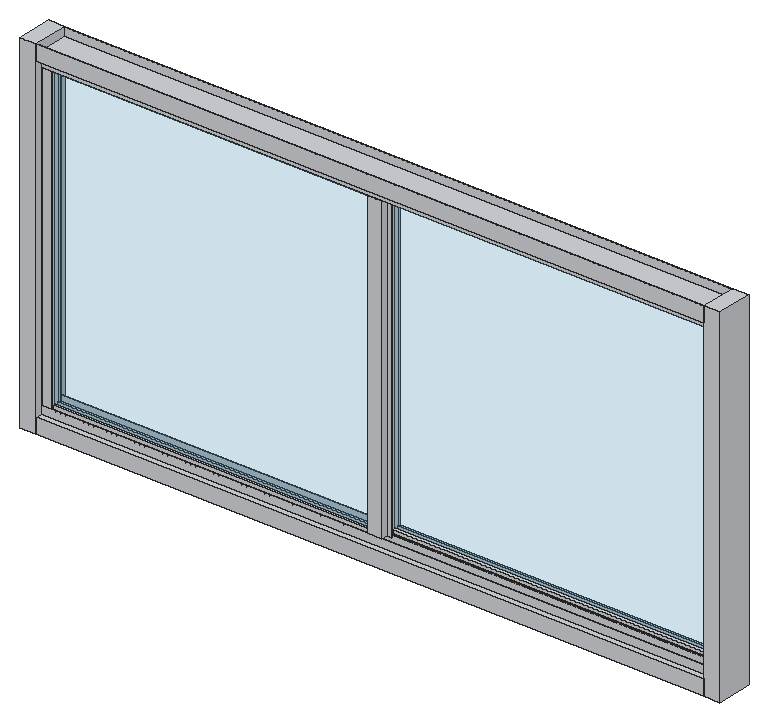
Revit family "MT-VMS_DB-SG_OX", category Windows, host Wall, Revit 2017 (continued)
Definition of nested family "VMS_DB-SG_OX_101mm"
  Definition of nested family "AS1C CAVITY MAIN FRAME"
    Lines and regions (mm)
      model lines, in view "Ref. Level"
        curve 29: arc (-42.7, -93.6, 0) -> (-41.95, -92.85, 0) -> (-41.2, -93.6, 0) r 0.75
        curve 30: arc (-41.2, -98.3, 0) -> (-40.761, -99.361, 0) -> (-39.7, -99.8, 0) r 1.5
        curve 31: arc (-3.8, -99.8, 0) -> (-2.739, -99.361, 0) -> (-2.3, -98.3, 0) r 1.5
        curve 32: arc (-2.3, -93.15, 0) -> (-2.417, -92.867, 0) -> (-2.7, -92.75, 0) r 0.4
        curve 33: arc (-6.1, -92.75, 0) -> (-6.949, -92.399, 0) -> (-7.3, -91.55, 0) r 1.2
        curve 34: arc (-7.3, -91.265, 0) -> (-6.765, -90.417, 0) -> (-5.769, -90.534, 0) r 0.94
        curve 35: arc (-5.769, -90.534, 0) -> (-5.414, -90.766, 0) -> (-5.019, -90.921, 0) r 2.1
        curve 36: arc (-5.019, -90.921, 0) -> (-4.902, -90.971, 0) -> (-4.801, -91.049, 0) r 0.5
        curve 37: arc (-4.099, -91.049, 0) -> (-3.998, -90.971, 0) -> (-3.881, -90.921, 0) r 0.5
        curve 38: arc (-3.881, -90.921, 0) -> (-3.4, -90.719, 0) -> (-2.984, -90.403, 0) r 2.1
        curve 39: arc (-2.984, -90.403, 0) -> (-2.882, -90.327, 0) -> (-2.764, -90.278, 0) r 0.5
        curve 40: arc (-2.413, -89.671, 0) -> (-2.43, -89.545, 0) -> (-2.415, -89.418, 0) r 0.5
        curve 41: arc (-2.415, -89.418, 0) -> (-2.35, -88.9, 0) -> (-2.415, -88.382, 0) r 2.1
        curve 42: arc (-2.415, -88.382, 0) -> (-2.43, -88.255, 0) -> (-2.413, -88.129, 0) r 0.5
        curve 43: arc (-2.764, -87.522, 0) -> (-2.882, -87.473, 0) -> (-2.984, -87.397, 0) r 0.5
        curve 44: arc (-2.984, -87.397, 0) -> (-3.4, -87.081, 0) -> (-3.881, -86.879, 0) r 2.1
        curve 45: arc (-3.881, -86.879, 0) -> (-3.998, -86.829, 0) -> (-4.099, -86.751, 0) r 0.5
        curve 46: arc (-4.801, -86.751, 0) -> (-4.902, -86.829, 0) -> (-5.019, -86.879, 0) r 0.5
        curve 47: arc (-5.019, -86.879, 0) -> (-5.414, -87.034, 0) -> (-5.769, -87.266, 0) r 2.1
        curve 48: arc (-5.769, -87.266, 0) -> (-6.765, -87.383, 0) -> (-7.3, -86.535, 0) r 0.94
        curve 49: arc (-7.3, -86.25, 0) -> (-6.949, -85.401, 0) -> (-6.1, -85.05, 0) r 1.2
        curve 50: arc (-2.5, -85.05, 0) -> (-2.217, -84.933, 0) -> (-2.1, -84.65, 0) r 0.4
        curve 51: arc (-2.1, -66.37, 0) -> (-2.451, -65.335, 0) -> (-3.36, -64.728, 0) r 1.7
        curve 52: arc (-19.936, -60.286, 0) -> (-20.631, -59.822, 0) -> (-20.9, -59.03, 0) r 1.3
        curve 53: arc (-20.9, -42.57, 0) -> (-20.631, -41.778, 0) -> (-19.936, -41.314, 0) r 1.3
        curve 54: arc (-3.36, -36.872, 0) -> (-2.451, -36.265, 0) -> (-2.1, -35.23, 0) r 1.7
        curve 55: arc (-2.1, -17.35, 0) -> (-2.334, -16.784, 0) -> (-2.9, -16.55, 0) r 0.8
        curve 56: arc (-6.1, -16.55, 0) -> (-6.949, -16.199, 0) -> (-7.3, -15.35, 0) r 1.2
        curve 57: arc (-7.3, -15.065, 0) -> (-6.765, -14.217, 0) -> (-5.769, -14.334, 0) r 0.94
        curve 58: arc (-5.769, -14.334, 0) -> (-5.414, -14.566, 0) -> (-5.019, -14.721, 0) r 2.1
        curve 59: arc (-5.019, -14.721, 0) -> (-4.902, -14.771, 0) -> (-4.801, -14.849, 0) r 0.5
        curve 60: arc (-4.099, -14.849, 0) -> (-3.998, -14.771, 0) -> (-3.881, -14.721, 0) r 0.5
        curve 61: arc (-3.881, -14.721, 0) -> (-3.4, -14.519, 0) -> (-2.984, -14.203, 0) r 2.1
        curve 62: arc (-2.984, -14.203, 0) -> (-2.882, -14.127, 0) -> (-2.764, -14.078, 0) r 0.5
        curve 63: arc (-2.413, -13.471, 0) -> (-2.43, -13.345, 0) -> (-2.415, -13.218, 0) r 0.5
        curve 64: arc (-2.415, -13.218, 0) -> (-2.35, -12.7, 0) -> (-2.415, -12.182, 0) r 2.1
        curve 65: arc (-2.415, -12.182, 0) -> (-2.43, -12.055, 0) -> (-2.413, -11.929, 0) r 0.5
        curve 66: line (-4.099, -10.551, 0) -> (-4.45, -10.2, 0)
        curve 67: line (-4.45, -10.2, 0) -> (-4.801, -10.551, 0)
        curve 68: line (-7.3, -10.335, 0) -> (-7.3, -10.05, 0)
        curve 69: line (-6.1, -8.85, 0) -> (-3.1, -8.85, 0)
        curve 70: line (-2.3, -8.05, 0) -> (-2.3, -3.3, 0)
        curve 71: line (-3.8, -1.8, 0) -> (-39.7, -1.8, 0)
        curve 72: line (-41.2, -3.3, 0) -> (-41.2, -8, 0)
        curve 73: line (-42.7, -8, 0) -> (-42.7, -5.005, 0)
        curve 74: line (-42.7, -5.005, 0) -> (-44.148, -5.393, 0)
        curve 75: line (-44.4, -5.2, 0) -> (-44.4, 0, 0)
        curve 76: line (-44.4, 0, 0) -> (0, 0, 0)
        curve 77: line (0, 0, 0) -> (0, -41.4, 0)
        curve 78: line (0, -41.4, 0) -> (-2.4, -41.4, 0)
        curve 79: line (-2.4, -41.4, 0) -> (-2.4, -42.975, 0)
        curve 80: line (-2.4, -42.975, 0) -> (-4.496, -43.536, 0)
        curve 81: line (-4.976, -43.013, 0) -> (-3.605, -39.246, 0)
        curve 82: line (-4.084, -38.723, 0) -> (-10.184, -40.357, 0)
        curve 83: line (-10.388, -40.75, 0) -> (-9.572, -42.992, 0)
        curve 84: line (-9.974, -43.528, 0) -> (-10.966, -43.462, 0)
        curve 85: line (-11.9, -42.464, 0) -> (-11.9, -41.208, 0)
        curve 86: line (-12.278, -40.918, 0) -> (-14.6, -41.541, 0)
        curve 87: line (-14.6, -41.541, 0) -> (-14.6, -43.704, 0)
        curve 88: line (-14.6, -43.704, 0) -> (-15.8, -44.396, 0)
        curve 89: line (-16.4, -44.05, 0) -> (-16.4, -42.023, 0)
        curve 90: line (-16.4, -42.023, 0) -> (-19.3, -42.8, 0)
        curve 91: line (-19.3, -42.8, 0) -> (-19.3, -50.043, 0)
        curve 92: line (-19.446, -50.396, 0) -> (-19.6, -50.55, 0)
        curve 93: line (-19.6, -50.55, 0) -> (-19.6, -51.05, 0)
        curve 94: line (-19.6, -51.05, 0) -> (-19.446, -51.204, 0)
        curve 95: line (-19.3, -51.557, 0) -> (-19.3, -58.8, 0)
        curve 96: line (-19.3, -58.8, 0) -> (-16.4, -59.577, 0)
        curve 97: line (-16.4, -59.577, 0) -> (-16.4, -57.55, 0)
        curve 98: line (-15.8, -57.204, 0) -> (-14.6, -57.896, 0)
        curve 99: line (-14.6, -57.896, 0) -> (-14.6, -60.059, 0)
        curve 100: line (-14.6, -60.059, 0) -> (-12.278, -60.682, 0)
        curve 101: line (-11.9, -60.392, 0) -> (-11.9, -59.136, 0)
        curve 102: line (-10.966, -58.138, 0) -> (-9.974, -58.072, 0)
        curve 103: line (-9.572, -58.608, 0) -> (-10.388, -60.85, 0)
        curve 104: line (-10.184, -61.243, 0) -> (-4.084, -62.877, 0)
        curve 105: line (-3.605, -62.354, 0) -> (-4.976, -58.587, 0)
        curve 106: line (-4.496, -58.064, 0) -> (-2.4, -58.625, 0)
        curve 107: line (-2.4, -58.625, 0) -> (-2.4, -60.2, 0)
        curve 108: line (-2.4, -60.2, 0) -> (0, -60.2, 0)
        curve 109: line (0, -60.2, 0) -> (0, -101.6, 0)
        curve 110: line (0, -101.6, 0) -> (-44.4, -101.6, 0)
        curve 111: line (-44.4, -101.6, 0) -> (-44.4, -96.4, 0)
        curve 112: line (-44.148, -96.207, 0) -> (-42.7, -96.595, 0)
        curve 113: line (-42.7, -96.595, 0) -> (-42.7, -93.6, 0)
        curve 114: line (-41.2, -93.6, 0) -> (-41.2, -98.3, 0)
        curve 115: line (-39.7, -99.8, 0) -> (-3.8, -99.8, 0)
        curve 116: line (-2.3, -98.3, 0) -> (-2.3, -93.15, 0)
        curve 117: line (-2.7, -92.75, 0) -> (-6.1, -92.75, 0)
        curve 118: line (-7.3, -91.55, 0) -> (-7.3, -91.265, 0)
        curve 119: line (-4.801, -91.049, 0) -> (-4.45, -91.4, 0)
        curve 120: line (-4.45, -91.4, 0) -> (-4.099, -91.049, 0)
        curve 121: line (-2.764, -90.278, 0) -> (-2.285, -90.15, 0)
        curve 122: line (-2.285, -90.15, 0) -> (-2.413, -89.671, 0)
        curve 123: line (-2.413, -88.129, 0) -> (-2.285, -87.65, 0)
        curve 124: line (-2.285, -87.65, 0) -> (-2.764, -87.522, 0)
        curve 125: line (-4.099, -86.751, 0) -> (-4.45, -86.4, 0)
        curve 126: line (-4.45, -86.4, 0) -> (-4.801, -86.751, 0)
        curve 127: line (-7.3, -86.535, 0) -> (-7.3, -86.25, 0)
        curve 128: line (-6.1, -85.05, 0) -> (-2.5, -85.05, 0)
        curve 129: line (-2.1, -84.65, 0) -> (-2.1, -80.4, 0)
        curve 130: line (-2.1, -80.4, 0) -> (-2.4, -80.4, 0)
        curve 131: line (-2.4, -80.4, 0) -> (-2.4, -67.3, 0)
        curve 132: line (-2.4, -67.3, 0) -> (-2.1, -67.3, 0)
        curve 133: line (-2.1, -67.3, 0) -> (-2.1, -66.37, 0)
        curve 134: line (-3.36, -64.728, 0) -> (-19.936, -60.286, 0)
        curve 135: line (-20.9, -59.03, 0) -> (-20.9, -50.8, 0)
        curve 136: line (-20.9, -50.8, 0) -> (-20.9, -42.57, 0)
        curve 137: line (-19.936, -41.314, 0) -> (-3.36, -36.872, 0)
        curve 138: line (-2.1, -35.23, 0) -> (-2.1, -34.3, 0)
        curve 139: line (-2.1, -34.3, 0) -> (-2.4, -34.3, 0)
        curve 140: line (-2.4, -34.3, 0) -> (-2.4, -21.2, 0)
        curve 141: line (-2.4, -21.2, 0) -> (-2.1, -21.2, 0)
        curve 142: line (-2.1, -21.2, 0) -> (-2.1, -17.35, 0)
        curve 143: line (-2.9, -16.55, 0) -> (-6.1, -16.55, 0)
        curve 144: line (-7.3, -15.35, 0) -> (-7.3, -15.065, 0)
        curve 145: line (-4.801, -14.849, 0) -> (-4.45, -15.2, 0)
        curve 146: line (-4.45, -15.2, 0) -> (-4.099, -14.849, 0)
        curve 147: line (-2.764, -14.078, 0) -> (-2.285, -13.95, 0)
        curve 148: line (-2.285, -13.95, 0) -> (-2.413, -13.471, 0)
        curve 149: line (-2.413, -11.929, 0) -> (-2.285, -11.45, 0)
        curve 150: line (-2.285, -11.45, 0) -> (-2.764, -11.322, 0)
        curve 151: arc (-2.764, -11.322, 0) -> (-2.882, -11.273, 0) -> (-2.984, -11.197, 0) r 0.5
  Definition of nested family "VMS_VM8_HEAD DETAIL_FINE"
    Reference planes
      plane 1 "Center (Front/Back)": y = 0
      plane 2: z = 0
      plane 3 "Center (Left/Right)": x = 0
    Lines and regions (mm)
      model lines, in view "Ref. Level"
        curve 1: arc (50, -27.1, 0) -> (49.414, -25.686, 0) -> (48, -25.1, 0) r 2
        curve 2: arc (3.8, -25.1, 0) -> (2.386, -25.686, 0) -> (1.8, -27.1, 0) r 2
        curve 3: arc (1.8, -41.8, 0) -> (2.034, -42.366, 0) -> (2.6, -42.6, 0) r 0.8
        curve 4: arc (8.71, -42.6, 0) -> (8.973, -42.444, 0) -> (8.963, -42.139, 0) r 0.3
        curve 5: arc (8.963, -42.139, 0) -> (8.438, -39.576, 0) -> (9.754, -37.315, 0) r 3.67
        curve 6: arc (9.754, -37.315, 0) -> (11.002, -37.382, 0) -> (11.067, -38.629, 0) r 0.934
        curve 7: arc (11.067, -38.629, 0) -> (10.819, -39.017, 0) -> (10.661, -39.448, 0) r 2.1
        curve 8: arc (10.661, -40.452, 0) -> (10.881, -41, 0) -> (11.246, -41.465, 0) r 2.1
        curve 9: arc (12.115, -41.967, 0) -> (12.7, -42.05, 0) -> (13.285, -41.967, 0) r 2.1
        curve 10: arc (14.154, -41.465, 0) -> (14.519, -41, 0) -> (14.739, -40.452, 0) r 2.1
        curve 11: arc (14.739, -39.448, 0) -> (14.581, -39.017, 0) -> (14.333, -38.629, 0) r 2.1
        curve 12: arc (14.333, -38.629, 0) -> (14.398, -37.382, 0) -> (15.646, -37.315, 0) r 0.934
        curve 13: arc (15.646, -37.315, 0) -> (16.962, -39.576, 0) -> (16.437, -42.139, 0) r 3.67
        curve 14: arc (16.437, -42.139, 0) -> (16.427, -42.444, 0) -> (16.69, -42.6, 0) r 0.3
        curve 15: arc (19.8, -42.6, 0) -> (20.012, -42.688, 0) -> (20.1, -42.9, 0) r 0.3
        curve 16: arc (20.1, -67.7, 0) -> (20.012, -67.912, 0) -> (19.8, -68, 0) r 0.3
        curve 17: arc (18.6, -68, 0) -> (18.388, -67.912, 0) -> (18.3, -67.7, 0) r 0.3
        curve 18: arc (0.5, -44.4, 0) -> (0.146, -44.254, 0) -> (0, -43.9, 0) r 0.5
        curve 19: arc (0, -0.5, 0) -> (0.146, -0.146, 0) -> (0.5, 0, 0) r 0.5
        curve 20: arc (5.2, 0, 0) -> (5.359, -0.078, 0) -> (5.393, -0.252, 0) r 0.2
        curve 21: arc (8, -1.7, 0) -> (8.75, -2.45, 0) -> (8, -3.2, 0) r 0.75
        curve 22: arc (2.6, -3.2, 0) -> (2.034, -3.434, 0) -> (1.8, -4, 0) r 0.8
        curve 23: arc (1.8, -23, 0) -> (1.888, -23.212, 0) -> (2.1, -23.3, 0) r 0.3
        curve 24: arc (49.241, -23.3, 0) -> (49.391, -23.26, 0) -> (49.501, -23.15, 0) r 0.3
        curve 25: arc (49.501, -23.15, 0) -> (49.761, -23, 0) -> (50.021, -23.15, 0) r 0.3
        curve 26: arc (50.021, -23.15, 0) -> (50.28, -23.3, 0) -> (50.54, -23.15, 0) r 0.3
        curve 27: arc (50.54, -23.15, 0) -> (50.8, -23, 0) -> (51.06, -23.15, 0) r 0.3
        curve 28: arc (51.06, -23.15, 0) -> (51.32, -23.3, 0) -> (51.579, -23.15, 0) r 0.3
        curve 29: arc (51.579, -23.15, 0) -> (51.839, -23, 0) -> (52.099, -23.15, 0) r 0.3
        curve 30: arc (52.099, -23.15, 0) -> (52.209, -23.26, 0) -> (52.359, -23.3, 0) r 0.3
        curve 31: arc (99.5, -23.3, 0) -> (99.712, -23.212, 0) -> (99.8, -23, 0) r 0.3
        curve 32: arc (99.8, -4, 0) -> (99.566, -3.434, 0) -> (99, -3.2, 0) r 0.8
        curve 33: arc (93.6, -3.2, 0) -> (92.85, -2.45, 0) -> (93.6, -1.7, 0) r 0.75
        curve 34: arc (96.207, -0.252, 0) -> (96.241, -0.078, 0) -> (96.4, 0, 0) r 0.2
        curve 35: arc (101.1, 0, 0) -> (101.454, -0.146, 0) -> (101.6, -0.5, 0) r 0.5
        curve 36: arc (101.6, -43.9, 0) -> (101.454, -44.254, 0) -> (101.1, -44.4, 0) r 0.5
        curve 37: arc (83.3, -67.7, 0) -> (83.212, -67.912, 0) -> (83, -68, 0) r 0.3
        curve 38: arc (81.8, -68, 0) -> (81.588, -67.912, 0) -> (81.5, -67.7, 0) r 0.3
        curve 39: arc (81.5, -42.9, 0) -> (81.588, -42.688, 0) -> (81.8, -42.6, 0) r 0.3
        curve 40: arc (84.91, -42.6, 0) -> (85.173, -42.444, 0) -> (85.163, -42.139, 0) r 0.3
        curve 41: arc (85.163, -42.139, 0) -> (84.638, -39.576, 0) -> (85.954, -37.315, 0) r 3.67
        curve 42: arc (85.954, -37.315, 0) -> (87.202, -37.382, 0) -> (87.267, -38.629, 0) r 0.934
        curve 43: arc (87.267, -38.629, 0) -> (87.019, -39.017, 0) -> (86.861, -39.448, 0) r 2.1
        curve 44: arc (86.861, -40.452, 0) -> (87.081, -41, 0) -> (87.446, -41.465, 0) r 2.1
        curve 45: arc (88.315, -41.967, 0) -> (88.9, -42.05, 0) -> (89.485, -41.967, 0) r 2.1
        curve 46: arc (90.354, -41.465, 0) -> (90.719, -41, 0) -> (90.939, -40.452, 0) r 2.1
        curve 47: arc (90.939, -39.448, 0) -> (90.781, -39.017, 0) -> (90.533, -38.629, 0) r 2.1
        curve 48: arc (90.533, -38.629, 0) -> (90.598, -37.382, 0) -> (91.846, -37.315, 0) r 0.934
        curve 49: arc (91.846, -37.315, 0) -> (93.162, -39.576, 0) -> (92.637, -42.139, 0) r 3.67
        curve 50: arc (92.637, -42.139, 0) -> (92.627, -42.444, 0) -> (92.89, -42.6, 0) r 0.3
        curve 51: arc (99, -42.6, 0) -> (99.566, -42.366, 0) -> (99.8, -41.8, 0) r 0.8
        curve 52: arc (99.8, -27.1, 0) -> (99.214, -25.686, 0) -> (97.8, -25.1, 0) r 2
        curve 53: arc (53.6, -25.1, 0) -> (52.186, -25.686, 0) -> (51.6, -27.1, 0) r 2
        curve 54: arc (51.6, -67.7, 0) -> (51.512, -67.912, 0) -> (51.3, -68, 0) r 0.3
        curve 55: line (50, -67.7, 0) -> (50, -27.1, 0)
        curve 56: line (48, -25.1, 0) -> (3.8, -25.1, 0)
        curve 57: line (1.8, -27.1, 0) -> (1.8, -41.8, 0)
        curve 58: line (2.6, -42.6, 0) -> (8.71, -42.6, 0)
        curve 59: line (10.608, -39.542, 0) -> (10.2, -39.95, 0)
        curve 60: line (10.2, -39.95, 0) -> (10.608, -40.358, 0)
        curve 61: line (11.301, -41.558, 0) -> (11.45, -42.115, 0)
        curve 62: line (11.45, -42.115, 0) -> (12.007, -41.966, 0)
        curve 63: line (13.393, -41.966, 0) -> (13.95, -42.115, 0)
        curve 64: line (13.95, -42.115, 0) -> (14.099, -41.558, 0)
        curve 65: line (14.792, -40.358, 0) -> (15.2, -39.95, 0)
        curve 66: line (15.2, -39.95, 0) -> (14.792, -39.542, 0)
        curve 67: line (16.69, -42.6, 0) -> (19.8, -42.6, 0)
        curve 68: line (20.1, -42.9, 0) -> (20.1, -67.7, 0)
        curve 69: line (19.8, -68, 0) -> (18.6, -68, 0)
        curve 70: line (18.3, -67.7, 0) -> (18.3, -44.4, 0)
        curve 71: line (18.3, -44.4, 0) -> (0.5, -44.4, 0)
        curve 72: line (0, -43.9, 0) -> (0, -0.5, 0)
        curve 73: line (0.5, 0, 0) -> (5.2, 0, 0)
        curve 74: line (5.393, -0.252, 0) -> (5.005, -1.7, 0)
        curve 75: line (5.005, -1.7, 0) -> (8, -1.7, 0)
        curve 76: line (8, -3.2, 0) -> (2.6, -3.2, 0)
        curve 77: line (1.8, -4, 0) -> (1.8, -23, 0)
        curve 78: line (2.1, -23.3, 0) -> (49.241, -23.3, 0)
        curve 79: line (52.359, -23.3, 0) -> (99.5, -23.3, 0)
        curve 80: line (99.8, -23, 0) -> (99.8, -4, 0)
        curve 81: line (99, -3.2, 0) -> (93.6, -3.2, 0)
        curve 82: line (93.6, -1.7, 0) -> (96.595, -1.7, 0)
        curve 83: line (96.595, -1.7, 0) -> (96.207, -0.252, 0)
        curve 84: line (96.4, 0, 0) -> (101.1, 0, 0)
        curve 85: line (101.6, -0.5, 0) -> (101.6, -43.9, 0)
        curve 86: line (101.1, -44.4, 0) -> (83.3, -44.4, 0)
        curve 87: line (83.3, -44.4, 0) -> (83.3, -67.7, 0)
        curve 88: line (83, -68, 0) -> (81.8, -68, 0)
        curve 89: line (81.5, -67.7, 0) -> (81.5, -42.9, 0)
        curve 90: line (81.8, -42.6, 0) -> (84.91, -42.6, 0)
        curve 91: line (86.808, -39.542, 0) -> (86.4, -39.95, 0)
        curve 92: line (86.4, -39.95, 0) -> (86.808, -40.358, 0)
        curve 93: line (87.501, -41.558, 0) -> (87.65, -42.115, 0)
        curve 94: line (87.65, -42.115, 0) -> (88.207, -41.966, 0)
        curve 95: line (89.593, -41.966, 0) -> (90.15, -42.115, 0)
        curve 96: line (90.15, -42.115, 0) -> (90.299, -41.558, 0)
        curve 97: line (90.992, -40.358, 0) -> (91.4, -39.95, 0)
        curve 98: line (91.4, -39.95, 0) -> (90.992, -39.542, 0)
        curve 99: line (92.89, -42.6, 0) -> (99, -42.6, 0)
        curve 100: line (99.8, -41.8, 0) -> (99.8, -27.1, 0)
        curve 101: line (97.8, -25.1, 0) -> (53.6, -25.1, 0)
        curve 102: line (51.6, -27.1, 0) -> (51.6, -67.7, 0)
        curve 103: line (51.3, -68, 0) -> (50.3, -68, 0)
        curve 104: arc (50.3, -68, 0) -> (50.088, -67.912, 0) -> (50, -67.7, 0) r 0.3
  Definition of nested family "VMS_VM10_BOT DETAIL_FINE"
    Reference planes
      plane 1 "Center (Front/Back)": y = 0
      plane 2: z = 0
      plane 3 "Center (Left/Right)": x = 0
    Lines and regions (mm)
      model lines, in view "Ref. Level"
        curve 1: arc (84.669, 36.544, 0) -> (84.729, 36.675, 0) -> (84.75, 36.817, 0) r 0.5
        curve 2: arc (84.75, 42.2, 0) -> (84.662, 42.412, 0) -> (84.45, 42.5, 0) r 0.3
        curve 3: arc (83.13, 42.5, 0) -> (82.918, 42.412, 0) -> (82.83, 42.2, 0) r 0.3
        curve 4: arc (82.83, 41.74, 0) -> (82.391, 40.679, 0) -> (81.33, 40.24, 0) r 1.5
        curve 5: arc (70.15, 40.24, 0) -> (69.089, 40.679, 0) -> (68.65, 41.74, 0) r 1.5
        curve 6: arc (68.65, 41.97, 0) -> (68.562, 42.182, 0) -> (68.35, 42.27, 0) r 0.3
        curve 7: arc (64.15, 42.27, 0) -> (63.938, 42.182, 0) -> (63.85, 41.97, 0) r 0.3
        curve 8: arc (63.85, 41.74, 0) -> (63.411, 40.679, 0) -> (62.35, 40.24, 0) r 1.5
        curve 9: arc (38.65, 40.24, 0) -> (37.589, 40.679, 0) -> (37.15, 41.74, 0) r 1.5
        curve 10: arc (37.15, 41.97, 0) -> (37.062, 42.182, 0) -> (36.85, 42.27, 0) r 0.3
        curve 11: arc (32.65, 42.27, 0) -> (32.438, 42.182, 0) -> (32.35, 41.97, 0) r 0.3
        curve 12: arc (32.35, 41.74, 0) -> (31.911, 40.679, 0) -> (30.85, 40.24, 0) r 1.5
        curve 13: arc (19.67, 40.24, 0) -> (18.609, 40.679, 0) -> (18.17, 41.74, 0) r 1.5
        curve 14: arc (18.17, 42.2, 0) -> (18.082, 42.412, 0) -> (17.87, 42.5, 0) r 0.3
        curve 15: arc (16.55, 42.5, 0) -> (16.338, 42.412, 0) -> (16.25, 42.2, 0) r 0.3
        curve 16: arc (16.25, 38, 0) -> (15.899, 37.151, 0) -> (15.05, 36.8, 0) r 1.2
        curve 17: arc (14.765, 36.8, 0) -> (13.917, 37.335, 0) -> (14.034, 38.331, 0) r 0.94
        curve 18: arc (14.034, 38.331, 0) -> (14.266, 38.686, 0) -> (14.421, 39.081, 0) r 2.1
        curve 19: arc (14.421, 39.081, 0) -> (14.471, 39.198, 0) -> (14.549, 39.299, 0) r 0.5
        curve 20: arc (14.549, 40.001, 0) -> (14.471, 40.102, 0) -> (14.421, 40.219, 0) r 0.5
        curve 21: arc (14.421, 40.219, 0) -> (14.219, 40.7, 0) -> (13.903, 41.116, 0) r 2.1
        curve 22: arc (13.903, 41.116, 0) -> (13.827, 41.218, 0) -> (13.778, 41.336, 0) r 0.5
        curve 23: arc (13.171, 41.687, 0) -> (13.045, 41.67, 0) -> (12.918, 41.685, 0) r 0.5
        curve 24: arc (12.918, 41.685, 0) -> (12.4, 41.75, 0) -> (11.882, 41.685, 0) r 2.1
        curve 25: arc (11.882, 41.685, 0) -> (11.755, 41.67, 0) -> (11.629, 41.687, 0) r 0.5
        curve 26: arc (11.022, 41.336, 0) -> (10.973, 41.218, 0) -> (10.897, 41.116, 0) r 0.5
        curve 27: arc (10.897, 41.116, 0) -> (10.581, 40.7, 0) -> (10.379, 40.219, 0) r 2.1
        curve 28: arc (10.379, 40.219, 0) -> (10.329, 40.102, 0) -> (10.251, 40.001, 0) r 0.5
        curve 29: arc (10.251, 39.299, 0) -> (10.329, 39.198, 0) -> (10.379, 39.081, 0) r 0.5
        curve 30: arc (10.379, 39.081, 0) -> (10.534, 38.686, 0) -> (10.766, 38.331, 0) r 2.1
        curve 31: arc (10.766, 38.331, 0) -> (10.883, 37.335, 0) -> (10.035, 36.8, 0) r 0.94
        curve 32: arc (9.75, 36.8, 0) -> (8.901, 37.151, 0) -> (8.55, 38, 0) r 1.2
        curve 33: arc (8.55, 41.7, 0) -> (8.316, 42.266, 0) -> (7.75, 42.5, 0) r 0.8
        curve 34: arc (1.8, 42.5, 0) -> (1.446, 42.354, 0) -> (1.3, 42, 0) r 0.5
        curve 35: arc (1.3, 22.335, 0) -> (1.535, 21.911, 0) -> (2.019, 21.885, 0) r 0.5
        curve 36: arc (2.019, 21.885, 0) -> (5.322, 21.516, 0) -> (6.393, 18.369, 0) r 3.1
        curve 37: arc (6.393, 18.369, 0) -> (6.393, 18.133, 0) -> (6.502, 17.923, 0) r 0.5
        curve 38: arc (6.502, 17.923, 0) -> (6.849, 17.341, 0) -> (6.97, 16.674, 0) r 1.9
        curve 39: arc (6.97, 8.83, 0) -> (7.116, 8.476, 0) -> (7.47, 8.33, 0) r 0.5
        curve 40: arc (21.11, 8.33, 0) -> (21.292, 8.392, 0) -> (21.4, 8.552, 0) r 0.3
        curve 41: arc (25.348, 23.288, 0) -> (25.884, 24.09, 0) -> (26.797, 24.4, 0) r 1.5
        curve 42: arc (76.492, 24.4, 0) -> (76.731, 24.46, 0) -> (76.911, 24.627, 0) r 0.5
        curve 43: arc (95.907, -0.048, 0) -> (95.941, -0.222, 0) -> (96.1, -0.3, 0) r 0.2
        curve 44: arc (101, -0.3, 0) -> (101.212, -0.212, 0) -> (101.3, 0, 0) r 0.3
        curve 45: arc (101.3, 43.6, 0) -> (101.154, 43.954, 0) -> (100.8, 44.1, 0) r 0.5
        curve 46: arc (83.3, 44.1, 0) -> (82.946, 44.246, 0) -> (82.8, 44.6, 0) r 0.5
        curve 47: arc (82.8, 66.2, 0) -> (82.654, 66.554, 0) -> (82.3, 66.7, 0) r 0.5
        curve 48: arc (81.5, 66.7, 0) -> (81.288, 66.612, 0) -> (81.2, 66.4, 0) r 0.3
        curve 49: arc (81.2, 42.14, 0) -> (81.112, 41.928, 0) -> (80.9, 41.84, 0) r 0.3
        curve 50: arc (70.55, 41.84, 0) -> (70.338, 41.928, 0) -> (70.25, 42.14, 0) r 0.3
        curve 51: arc (70.25, 42.827, 0) -> (70.139, 43.142, 0) -> (69.854, 43.317, 0) r 0.5
        curve 52: arc (62.646, 43.317, 0) -> (62.361, 43.142, 0) -> (62.25, 42.827, 0) r 0.5
        curve 53: arc (62.25, 42.14, 0) -> (62.162, 41.928, 0) -> (61.95, 41.84, 0) r 0.3
        curve 54: arc (51.6, 41.84, 0) -> (51.388, 41.928, 0) -> (51.3, 42.14, 0) r 0.3
        curve 55: arc (51.3, 66.4, 0) -> (51.212, 66.612, 0) -> (51, 66.7, 0) r 0.3
        curve 56: arc (50, 66.7, 0) -> (49.788, 66.612, 0) -> (49.7, 66.4, 0) r 0.3
        curve 57: arc (49.7, 42.14, 0) -> (49.612, 41.928, 0) -> (49.4, 41.84, 0) r 0.3
        curve 58: arc (39.05, 41.84, 0) -> (38.838, 41.928, 0) -> (38.75, 42.14, 0) r 0.3
        curve 59: arc (38.75, 42.827, 0) -> (38.639, 43.142, 0) -> (38.354, 43.317, 0) r 0.5
        curve 60: arc (31.146, 43.317, 0) -> (30.861, 43.142, 0) -> (30.75, 42.827, 0) r 0.5
        curve 61: arc (30.75, 42.14, 0) -> (30.662, 41.928, 0) -> (30.45, 41.84, 0) r 0.3
        curve 62: arc (20.1, 41.84, 0) -> (19.888, 41.928, 0) -> (19.8, 42.14, 0) r 0.3
        curve 63: arc (19.8, 66.4, 0) -> (19.712, 66.612, 0) -> (19.5, 66.7, 0) r 0.3
        curve 64: arc (18.7, 66.7, 0) -> (18.346, 66.554, 0) -> (18.2, 66.2, 0) r 0.5
        curve 65: arc (18.2, 44.6, 0) -> (18.054, 44.246, 0) -> (17.7, 44.1, 0) r 0.5
        curve 66: arc (0.2, 44.1, 0) -> (-0.154, 43.954, 0) -> (-0.3, 43.6, 0) r 0.5
        curve 67: arc (-0.297, 18.697, 0) -> (0.145, 17.357, 0) -> (1.08, 16.3, 0) r 3.5
        curve 68: arc (1.58, 16.3, 0) -> (2.146, 16.534, 0) -> (2.38, 17.1, 0) r 0.8
        curve 69: arc (2.38, 17.982, 0) -> (3.38, 20.6, 0) -> (4.38, 17.982, 0) r 1.5
        curve 70: arc (4.38, 17.13, 0) -> (4.555, 16.858, 0) -> (4.875, 16.902, 0) r 0.3
        curve 71: arc (4.875, 16.902, 0) -> (5.195, 16.947, 0) -> (5.37, 16.674, 0) r 0.3
        curve 72: arc (5.07, 8.85, 0) -> (4.57, 8.35, 0) -> (5.07, 7.85, 0) r 0.5
        curve 73: arc (5.187, 7.85, 0) -> (5.372, 7.727, 0) -> (5.329, 7.509, 0) r 0.2
        curve 74: arc (-0.154, 2.026, 0) -> (-0.262, 1.864, 0) -> (-0.3, 1.673, 0) r 0.5
        curve 75: arc (-0.3, 0, 0) -> (-0.212, -0.212, 0) -> (0, -0.3, 0) r 0.3
        curve 76: arc (4.9, -0.3, 0) -> (5.059, -0.222, 0) -> (5.093, -0.048, 0) r 0.2
        curve 77: arc (7.7, 1.4, 0) -> (8.45, 2.15, 0) -> (7.7, 2.9, 0) r 0.75
        curve 78: arc (3.707, 2.9, 0) -> (3.43, 3.085, 0) -> (3.495, 3.412, 0) r 0.3
        curve 79: arc (6.725, 6.642, 0) -> (6.822, 6.707, 0) -> (6.937, 6.73, 0) r 0.3
        curve 80: arc (21.417, 6.73, 0) -> (22.33, 7.04, 0) -> (22.866, 7.842, 0) r 1.5
        curve 81: arc (26.814, 22.578, 0) -> (26.921, 22.738, 0) -> (27.104, 22.8, 0) r 0.3
        curve 82: arc (76.818, 22.8, 0) -> (77.533, 22.981, 0) -> (78.075, 23.482, 0) r 1.5
        curve 83: arc (87.023, 37.227, 0) -> (87.174, 37.788, 0) -> (86.966, 38.331, 0) r 0.94
        curve 84: arc (86.966, 38.331, 0) -> (86.734, 38.686, 0) -> (86.579, 39.081, 0) r 2.1
        curve 85: arc (86.579, 39.081, 0) -> (86.529, 39.198, 0) -> (86.451, 39.299, 0) r 0.5
        curve 86: arc (86.451, 40.001, 0) -> (86.529, 40.102, 0) -> (86.579, 40.219, 0) r 0.5
        curve 87: arc (86.579, 40.219, 0) -> (86.781, 40.7, 0) -> (87.097, 41.116, 0) r 2.1
        curve 88: arc (87.097, 41.116, 0) -> (87.173, 41.218, 0) -> (87.222, 41.336, 0) r 0.5
        curve 89: arc (87.829, 41.687, 0) -> (87.955, 41.67, 0) -> (88.082, 41.685, 0) r 0.5
        curve 90: arc (88.082, 41.685, 0) -> (88.6, 41.75, 0) -> (89.118, 41.685, 0) r 2.1
        curve 91: arc (89.118, 41.685, 0) -> (89.245, 41.67, 0) -> (89.371, 41.687, 0) r 0.5
        curve 92: arc (89.978, 41.336, 0) -> (90.027, 41.218, 0) -> (90.103, 41.116, 0) r 0.5
        curve 93: arc (90.103, 41.116, 0) -> (90.419, 40.7, 0) -> (90.621, 40.219, 0) r 2.1
        curve 94: arc (90.621, 40.219, 0) -> (90.671, 40.102, 0) -> (90.749, 40.001, 0) r 0.5
        curve 95: arc (90.749, 39.299, 0) -> (90.671, 39.198, 0) -> (90.621, 39.081, 0) r 0.5
        curve 96: arc (90.621, 39.081, 0) -> (90.466, 38.686, 0) -> (90.234, 38.331, 0) r 2.1
        curve 97: arc (90.234, 38.331, 0) -> (90.117, 37.335, 0) -> (90.965, 36.8, 0) r 0.94
        curve 98: arc (91.25, 36.8, 0) -> (92.099, 37.151, 0) -> (92.45, 38, 0) r 1.2
        curve 99: arc (92.45, 41.7, 0) -> (92.684, 42.266, 0) -> (93.25, 42.5, 0) r 0.8
        curve 100: arc (98.2, 42.5, 0) -> (99.261, 42.061, 0) -> (99.7, 41, 0) r 1.5
        curve 101: arc (99.7, 1.8, 0) -> (99.554, 1.446, 0) -> (99.2, 1.3, 0) r 0.5
        curve 102: arc (98.358, 1.3, 0) -> (98.042, 1.413, 0) -> (97.868, 1.7, 0) r 0.5
        curve 103: arc (97.868, 1.7, 0) -> (97.347, 2.562, 0) -> (96.398, 2.9, 0) r 1.5
        curve 104: arc (93.3, 2.9, 0) -> (92.55, 2.15, 0) -> (93.3, 1.4, 0) r 0.75
        curve 105: line (84.75, 36.817, 0) -> (84.75, 42.2, 0)
        curve 106: line (84.45, 42.5, 0) -> (83.13, 42.5, 0)
        curve 107: line (82.83, 42.2, 0) -> (82.83, 41.74, 0)
        curve 108: line (81.33, 40.24, 0) -> (70.15, 40.24, 0)
        curve 109: line (68.65, 41.74, 0) -> (68.65, 41.97, 0)
        curve 110: line (68.35, 42.27, 0) -> (64.15, 42.27, 0)
        curve 111: line (63.85, 41.97, 0) -> (63.85, 41.74, 0)
        curve 112: line (62.35, 40.24, 0) -> (38.65, 40.24, 0)
        curve 113: line (37.15, 41.74, 0) -> (37.15, 41.97, 0)
        curve 114: line (36.85, 42.27, 0) -> (32.65, 42.27, 0)
        curve 115: line (32.35, 41.97, 0) -> (32.35, 41.74, 0)
        curve 116: line (30.85, 40.24, 0) -> (19.67, 40.24, 0)
        curve 117: line (18.17, 41.74, 0) -> (18.17, 42.2, 0)
        curve 118: line (17.87, 42.5, 0) -> (16.55, 42.5, 0)
        curve 119: line (16.25, 42.2, 0) -> (16.25, 38, 0)
        curve 120: line (15.05, 36.8, 0) -> (14.765, 36.8, 0)
        curve 121: line (14.549, 39.299, 0) -> (14.9, 39.65, 0)
        curve 122: line (14.9, 39.65, 0) -> (14.549, 40.001, 0)
        curve 123: line (13.778, 41.336, 0) -> (13.65, 41.815, 0)
        curve 124: line (13.65, 41.815, 0) -> (13.171, 41.687, 0)
        curve 125: line (11.629, 41.687, 0) -> (11.15, 41.815, 0)
        curve 126: line (11.15, 41.815, 0) -> (11.022, 41.336, 0)
        curve 127: line (10.251, 40.001, 0) -> (9.9, 39.65, 0)
        curve 128: line (9.9, 39.65, 0) -> (10.251, 39.299, 0)
        curve 129: line (10.035, 36.8, 0) -> (9.75, 36.8, 0)
        curve 130: line (8.55, 38, 0) -> (8.55, 41.7, 0)
        curve 131: line (7.75, 42.5, 0) -> (1.8, 42.5, 0)
        curve 132: line (1.3, 42, 0) -> (1.3, 22.335, 0)
        curve 133: line (6.97, 16.674, 0) -> (6.97, 8.83, 0)
        curve 134: line (7.47, 8.33, 0) -> (21.11, 8.33, 0)
        curve 135: line (21.4, 8.552, 0) -> (25.348, 23.288, 0)
        curve 136: line (26.797, 24.4, 0) -> (76.492, 24.4, 0)
        curve 137: line (76.911, 24.627, 0) -> (84.669, 36.544, 0)
        curve 138: line (96.1, -0.3, 0) -> (101, -0.3, 0)
        curve 139: line (101.3, 0, 0) -> (101.3, 43.6, 0)
        curve 140: line (100.8, 44.1, 0) -> (83.3, 44.1, 0)
        curve 141: line (82.8, 44.6, 0) -> (82.8, 66.2, 0)
        curve 142: line (82.3, 66.7, 0) -> (81.5, 66.7, 0)
        curve 143: line (81.2, 66.4, 0) -> (81.2, 42.14, 0)
        curve 144: line (80.9, 41.84, 0) -> (70.55, 41.84, 0)
        curve 145: line (70.25, 42.14, 0) -> (70.25, 42.827, 0)
        curve 146: line (69.854, 43.317, 0) -> (67.25, 43.87, 0)
        curve 147: line (67.25, 43.87, 0) -> (65.25, 43.87, 0)
        curve 148: line (65.25, 43.87, 0) -> (62.646, 43.317, 0)
        curve 149: line (62.25, 42.827, 0) -> (62.25, 42.14, 0)
        curve 150: line (61.95, 41.84, 0) -> (51.6, 41.84, 0)
        curve 151: line (51.3, 42.14, 0) -> (51.3, 66.4, 0)
        curve 152: line (51, 66.7, 0) -> (50, 66.7, 0)
        curve 153: line (49.7, 66.4, 0) -> (49.7, 42.14, 0)
        curve 154: line (49.4, 41.84, 0) -> (39.05, 41.84, 0)
        curve 155: line (38.75, 42.14, 0) -> (38.75, 42.827, 0)
        curve 156: line (38.354, 43.317, 0) -> (35.75, 43.87, 0)
        curve 157: line (35.75, 43.87, 0) -> (33.75, 43.87, 0)
        curve 158: line (33.75, 43.87, 0) -> (31.146, 43.317, 0)
        curve 159: line (30.75, 42.827, 0) -> (30.75, 42.14, 0)
        curve 160: line (30.45, 41.84, 0) -> (20.1, 41.84, 0)
        curve 161: line (19.8, 42.14, 0) -> (19.8, 66.4, 0)
        curve 162: line (19.5, 66.7, 0) -> (18.7, 66.7, 0)
        curve 163: line (18.2, 66.2, 0) -> (18.2, 44.6, 0)
        curve 164: line (17.7, 44.1, 0) -> (0.2, 44.1, 0)
        curve 165: line (-0.3, 43.6, 0) -> (-0.3, 18.754, 0)
        curve 166: line (1.08, 16.3, 0) -> (1.58, 16.3, 0)
        curve 167: line (2.38, 17.1, 0) -> (2.38, 17.982, 0)
        curve 168: line (4.38, 17.982, 0) -> (4.38, 17.13, 0)
        curve 169: line (5.37, 16.674, 0) -> (5.37, 12.4, 0)
        curve 170: line (5.37, 12.4, 0) -> (5.67, 12.1, 0)
        curve 171: line (5.67, 12.1, 0) -> (5.67, 11.6, 0)
        curve 172: line (5.67, 11.6, 0) -> (5.37, 11.3, 0)
        curve 173: line (5.37, 11.3, 0) -> (5.37, 8.85, 0)
        curve 174: line (5.37, 8.85, 0) -> (5.07, 8.85, 0)
        curve 175: line (5.329, 7.509, 0) -> (-0.154, 2.026, 0)
        curve 176: line (-0.3, 1.673, 0) -> (-0.3, 0, 0)
        curve 177: line (0, -0.3, 0) -> (4.9, -0.3, 0)
        curve 178: line (5.093, -0.048, 0) -> (4.705, 1.4, 0)
        curve 179: line (4.705, 1.4, 0) -> (7.7, 1.4, 0)
        curve 180: line (7.7, 2.9, 0) -> (3.707, 2.9, 0)
        curve 181: line (3.495, 3.412, 0) -> (6.725, 6.642, 0)
        curve 182: line (6.937, 6.73, 0) -> (21.417, 6.73, 0)
        curve 183: line (22.866, 7.842, 0) -> (26.814, 22.578, 0)
        curve 184: line (27.104, 22.8, 0) -> (76.818, 22.8, 0)
        curve 185: line (78.075, 23.482, 0) -> (87.023, 37.227, 0)
        curve 186: line (86.451, 39.299, 0) -> (86.1, 39.65, 0)
        curve 187: line (86.1, 39.65, 0) -> (86.451, 40.001, 0)
        curve 188: line (87.222, 41.336, 0) -> (87.35, 41.815, 0)
        curve 189: line (87.35, 41.815, 0) -> (87.829, 41.687, 0)
        curve 190: line (89.371, 41.687, 0) -> (89.85, 41.815, 0)
        curve 191: line (89.85, 41.815, 0) -> (89.978, 41.336, 0)
        curve 192: line (90.749, 40.001, 0) -> (91.1, 39.65, 0)
        curve 193: line (91.1, 39.65, 0) -> (90.749, 39.299, 0)
        curve 194: line (90.965, 36.8, 0) -> (91.25, 36.8, 0)
        curve 195: line (92.45, 38, 0) -> (92.45, 41.7, 0)
        curve 196: line (93.25, 42.5, 0) -> (98.2, 42.5, 0)
        curve 197: line (99.7, 41, 0) -> (99.7, 1.8, 0)
        curve 198: line (99.2, 1.3, 0) -> (98.358, 1.3, 0)
        curve 199: line (96.398, 2.9, 0) -> (93.3, 2.9, 0)
        curve 200: line (93.3, 1.4, 0) -> (96.295, 1.4, 0)
        curve 201: line (96.295, 1.4, 0) -> (95.907, -0.048, 0)
  Definition of nested family "VMS_VM8_HEAD DETAIL_MEDIUM"
    Reference planes
      plane 1 "Center (Front/Back)": y = 0
      plane 2: z = 0
      plane 3 "Center (Left/Right)": x = 0
    Lines and regions (mm)
      detail lines, in view "Ref. Level"
        curve 1: line (0, 0, 0) -> (0, -44, 0)
        curve 2: line (1.5, -23.5, 0) -> (99.8, -23.5, 0)
        curve 3: line (99.8, -23.5, 0) -> (99.8, 0, 0)
        curve 4: line (0, 0, 0) -> (1.5, 0, 0)
        curve 5: line (101.6, 0, 0) -> (101.6, -44, 0)
        curve 6: line (101.6, -44, 0) -> (83, -44, 0)
        curve 7: line (83, -44, 0) -> (83, -68, 0)
        curve 8: line (81.2, -68, 0) -> (81.2, -42.2, 0)
        curve 9: line (81.2, -42.2, 0) -> (99.8, -42.2, 0)
        curve 10: line (99.8, -42.2, 0) -> (99.8, -25.1, 0)
        curve 11: line (99.8, -25.1, 0) -> (51.3, -25.1, 0)
        curve 12: line (51.3, -25.1, 0) -> (51.3, -68, 0)
        curve 13: line (83, -68, 0) -> (81.2, -68, 0)
        curve 14: line (49.7, -68, 0) -> (49.7, -25.1, 0)
        curve 15: line (1.8, -25.1, 0) -> (1.8, -42.2, 0)
        curve 16: line (1.8, -42.2, 0) -> (19.8, -42.2, 0)
        curve 17: line (19.8, -42.2, 0) -> (19.8, -68, 0)
        curve 18: line (19.8, -68, 0) -> (18, -68, 0)
        curve 19: line (18, -68, 0) -> (18, -44, 0)
        curve 20: line (18, -44, 0) -> (0, -44, 0)
        curve 21: line (1.5, 0, 0) -> (1.5, -23.5, 0)
        curve 22: line (99.8, 0, 0) -> (101.6, 0, 0)
        curve 23: line (51.3, -68, 0) -> (49.7, -68, 0)
        curve 24: line (49.7, -25.1, 0) -> (1.8, -25.1, 0)
  Definition of nested family "VMS_VM10_BOT DETAIL_MEDIUM"
    Reference planes
      plane 1 "Center (Front/Back)": y = 0
      plane 2: z = 0
      plane 3 "Center (Left/Right)": x = 0
    Lines and regions (mm)
      detail lines, in view "Ref. Level"
        curve 1: line (100, 42.4, 0) -> (100, 19.696, 0)
        curve 2: line (100, 19.696, 0) -> (36.6, 19.696, 0)
        curve 3: line (36.6, 19.696, 0) -> (36.6, 15.948, 0)
        curve 4: line (36.6, 15.948, 0) -> (1.5, 15.948, 0)
        curve 5: line (1.5, 42.4, 0) -> (100, 42.4, 0)
        curve 6: line (1.5, 14.448, 0) -> (38, 14.448, 0)
        curve 7: line (38, 14.448, 0) -> (38, 18.196, 0)
        curve 8: line (38, 18.196, 0) -> (100, 18.196, 0)
        curve 9: line (101.6, 0, 0) -> (101.6, 44, 0)
        curve 10: line (83.4, 44, 0) -> (83.4, 67, 0)
        curve 11: line (83.4, 67, 0) -> (81.4, 67, 0)
        curve 12: line (81.4, 67, 0) -> (81.4, 44, 0)
        curve 13: line (101.6, 44, 0) -> (83.4, 44, 0)
        curve 14: line (51.5, 44, 0) -> (51.5, 67, 0)
        curve 15: line (51.5, 67, 0) -> (49.9, 67, 0)
        curve 16: line (49.9, 67, 0) -> (49.9, 44, 0)
        curve 17: line (49.9, 44, 0) -> (20, 44, 0)
        curve 18: line (20, 44, 0) -> (20, 67, 0)
        curve 19: line (20, 67, 0) -> (18, 67, 0)
        curve 20: line (18, 67, 0) -> (18, 44, 0)
        curve 21: line (0, 44, 0) -> (0, 0, 0)
        curve 22: line (0, 0, 0) -> (1.5, 0, 0)
        curve 23: line (1.5, 0, 0) -> (1.5, 14.448, 0)
        curve 24: line (1.5, 15.948, 0) -> (1.5, 42.4, 0)
        curve 25: line (101.6, 0, 0) -> (100, 0, 0)
        curve 26: line (100, 18.196, 0) -> (100, 0, 0)
        curve 27: line (18, 44, 0) -> (0, 44, 0)
        curve 28: line (81.4, 44, 0) -> (51.5, 44, 0)
Definition of nested family "WARNING TAG"
  Parameters (values of type "WARNING TAG")
    MAX.WIDTH [instance] = 0 mm
    MAX.HEIGHT = 1190 mm
  Reference planes
    plane 1: y = 0
    plane 2: x = 0
  Lines and regions (mm)
    detail lines
      curve 1: line (-31.904, 7.728, 0) -> (32.158, 7.728, 0)
      curve 2: line (-31.904, -1.959, 0) -> (-31.904, 7.728, 0)
      curve 3: line (32.158, -1.959, 0) -> (-31.904, -1.959, 0)
      curve 4: line (32.158, 7.728, 0) -> (32.158, -1.959, 0)
  Text (mm)
    label "Max.Width: 1200" at (-3.208, 1.264, 0), shows "MAX.WIDTH"
    label "Max.Height: 1190" at (3.026, 1.264, 0), shows "MAX.HEIGHT"
    text "x" at (0.137, 2.449, 0)
    text "Manufacture Maximum Recommended Panel Sizes:" at (0.137, 5.914, 0)
